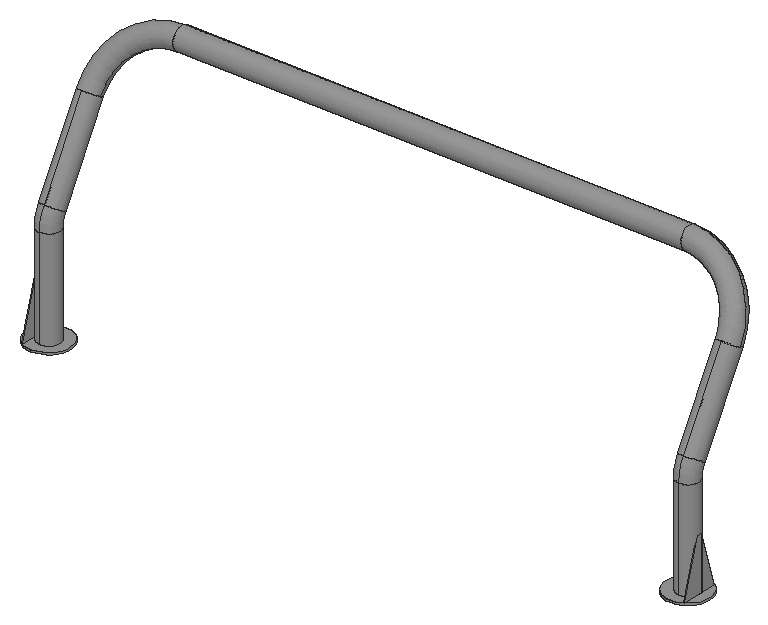
Revit family "30575 Парковка для самокатов «Юниор» Хоббика", category Антураж, Revit 2018
Family settings
  На основе рабочей плоскости = Нет
  Всегда вертикально = Да
  При загрузке вырезать с полостями = Нет
  Источник визуального образа = Геометрия семейства
  Общий = Нет
  Точка расчета площади = Нет
Parameters (values of type "Парковка для самокатов «Юниор»")
  Ширина = 290 mm  # constant formula
  Цвет каркаса = Сталь
  Описание = "Парковка для самокатов «Юниор»"  # constant formula
  Материал изделия = "Сталь"  # constant formula
  Изображение типоразмера = Парковка для самокатов «Юниор» Арт 30575.jpg
  Изготовитель = "ООО «Хоббика»"  # constant formula
  Длина = 1800 mm  # constant formula
  Группа модели = "Велопарковки"  # constant formula
  Высота = 730 mm  # constant formula
  Артикул товара = "Арт. 30575"  # constant formula
  URL = "https://hobbyka.ru/product/parkovka_dlya_samokatov_yunior/"
Reference planes
  plane 1 "По центру (Вперед/Назад)": y = 0
  plane 2: z = 0
  plane 3 "По центру (Влево/Вправо)": x = 0
  plane 4: x = 1800
  plane 5: y = 290
  plane 6: z = 730
Forms (mm)
  Sweep 1, solid, material "Сталь" <- "Цвет каркаса"
    path origin (0, 0, 0) x (0, 1, 0) y (0, 0, 1)
      loop
        line (0, 0) -> (0, 277.513)
        arc (0, 277.513) -> (4.089, 308.571) -> (16.077, 337.513) r 120
        line (16.077, 337.513) -> (144.51, 559.965)
    profile origin (0, 0, 138.756) x (0, -1, 0) y (1, 0, 0)
      loop
        circle (-30, 30) r 30
      loop
        circle (-30, 1770) r 30
  Extrusion 2, solid, material "Сталь" <- "Цвет каркаса"
    sketch origin (0, 0, 0) x (1, 0, 0) y (0, 1, 0)
      loop
        circle (1770, 30) r 30
      loop
        circle (30, 30) r 30
      loop
        circle (30, 30) r 60
      loop
        circle (1770, 30) r 60
    from 0 to 5
  Sweep 3, solid, material "Сталь" <- "Цвет каркаса"
    path origin (0, -249.151, 162.407) x (1, 0, 0) y (0, 0.5, 0.866025)
      loop
        arc (20, 541.125) -> (75.32, 674.68) -> (208.875, 730) r 188.875
        line (208.875, 730) -> (1591.125, 730)
        arc (1591.125, 730) -> (1724.68, 674.68) -> (1780, 541.125) r 188.875
    profile origin (900, 115.849, 794.606) x (0, 0.5, 0.866025) y (0, -0.866025, 0.5)
      loop
        circle (-9.856, -172.141) r 30
  Extrusion 4, solid, material "Сталь" <- "Цвет каркаса"
    sketch origin (0, 0, 0) x (0, 1, 0) y (0, 0, 1)
      loop
        line (35, 150) -> (24.425, 150) -> (-20, 5) -> (80, 5) -> (35, 150)
    from -2 to 0
  Extrusion 5, solid, material "Сталь" <- "Цвет каркаса"
    sketch origin (0, 0, 0) x (0, 1, 0) y (0, 0, 1)
      loop
        line (35, 150) -> (24.425, 150) -> (-20, 5) -> (80, 5) -> (35, 150)
    from 1800 to 1802
Dimensions and locks
  "Длина": plane 3 "По центру (Влево/Вправо)" to plane 4
  "Ширина": plane 5 to plane 1 "По центру (Вперед/Назад)"
  "Высота": plane 6 to plane 2
  aligned and locked: level to plane 2
Automatic sketch dimensions
  Sweep 1 sketch curve to plane 1 "По центру (Вперед/Назад)" = 0 mm
  Sweep 1 sketch curve to level = 0 mm
  Sweep 1 sketch curve to plane 1 "По центру (Вперед/Назад)" = 16.077 mm
  Sweep 1 sketch curve to Sweep 1 sketch curve = 103.923 mm
  level to Sweep 1 sketch curve = 277.513 mm
  Sweep 1 sketch curve to plane 1 "По центру (Вперед/Назад)" = 144.51 mm
  Sweep 1 sketch curve to plane 6 = 170.035 mm
  profile plane to Sweep 1 sketch curve = 30 mm  (x2)
  plane 3 "По центру (Влево/Вправо)" to Sweep 1 sketch curve = 30 mm
  Sweep 1 sketch curve to Sweep 1 sketch curve = 1740 mm
  Extrusion 2 sketch curve to Extrusion 2 sketch curve = 0 mm  (x24)
  plane 1 "По центру (Вперед/Назад)" to Extrusion 2 sketch curve = 0 mm  (x2)
  plane 3 "По центру (Влево/Вправо)" to Extrusion 2 sketch curve = 30 mm
  Extrusion 2 sketch curve to plane 4 = 30 mm
  Extrusion 2 sketch curve to plane 1 "По центру (Вперед/Назад)" = 30 mm  (x2)
  Extrusion 2 sketch curve to Extrusion 2 sketch curve = 30 mm  (x2)
  plane 3 "По центру (Влево/Вправо)" to Sweep 3 sketch curve = 208.875 mm
  Sweep 3 sketch curve to plane 4 = 208.875 mm
  Sweep 3 sketch curve to Sweep 3 sketch curve = 0 mm
  Sweep 3 sketch curve to Sweep 3 sketch curve = 188.875 mm
  profile plane to Sweep 3 sketch curve = 9.856 mm
  Sweep 3 sketch curve to profile plane = 172.141 mm
  level to Extrusion 4 sketch curve = 5 mm
  plane 1 "По центру (Вперед/Назад)" to Extrusion 4 sketch curve = 20 mm
  Extrusion 4 sketch curve to plane 1 "По центру (Вперед/Назад)" = 24.425 mm
  Extrusion 4 sketch curve to Extrusion 4 sketch curve = 10.575 mm
  Extrusion 4 sketch curve to plane 1 "По центру (Вперед/Назад)" = 80 mm
  level to Extrusion 4 sketch curve = 150 mm
  level to Extrusion 5 sketch curve = 5 mm
  plane 1 "По центру (Вперед/Назад)" to Extrusion 5 sketch curve = 20 mm
  Extrusion 5 sketch curve to plane 1 "По центру (Вперед/Назад)" = 24.425 mm
  Extrusion 5 sketch curve to Extrusion 5 sketch curve = 10.575 mm
  Extrusion 5 sketch curve to plane 1 "По центру (Вперед/Назад)" = 80 mm
  level to Extrusion 5 sketch curve = 150 mm
  radius of Sweep 1 sketch curve = 30 mm  (x2)
  radius of Sweep 3 sketch curve = 30 mm
